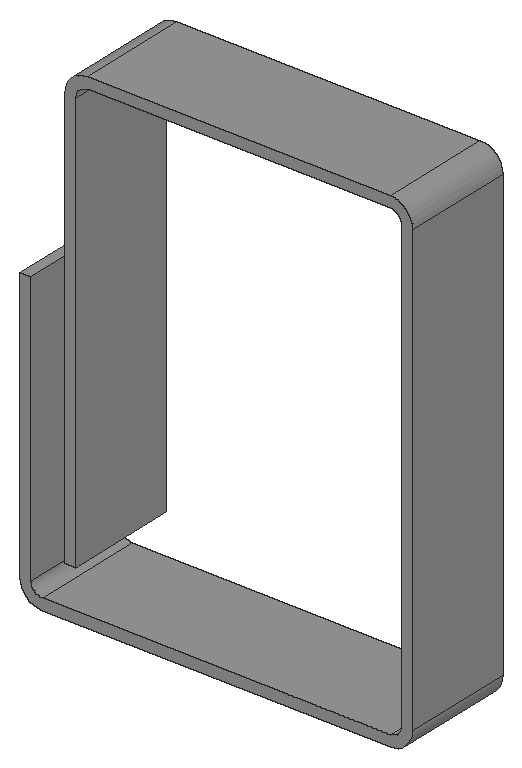
Revit family "ITK Кольцо кабельное", category Обобщенные модели, Revit 2016
Family settings
  Тип детали = Нормальный
  Может служить основой для арматурных стержней = Нет
  Размер круглого соединителя = Использовать диаметр
  На основе рабочей плоскости = Нет
  Всегда вертикально = Да
  При загрузке вырезать с полостями = Нет
  Общий = Нет
  Точка расчета площади = Нет
Parameters
  Ширина = 70 mm
  Высота = 88 mm
  Описание = "Кабельные органайзеры, кольца и скобы ITK предназначены для организации кабеля и кабельных пучков в шкафах и стойках, обеспечивают их поддержку, гарантируют необходимый радиус изгиба коммутационных шнуров и кабеля при подведении их к оборудованию. При использовании кабельных организаторов и колец существенно снижается вероятность появления перегибов и изломов кабелей.\r\n\r\nКабельные кольца могут устанавливаться в любом месте шкафа, как на 19-дюймовые монтажные профили с фронтальной стороны или сбоку, так и на горизонтальные боковые профили, обеспечивая горизонтальную и вертикальную организацию кабеля. Монтаж осуществляется с помощью крепежа винт-шайба-гайка."  # constant formula
  Материал = Окраска - RAL 7035
  Type Comments = " "
  Изготовитель = "ITK"  # constant formula
  Глубина = 20 mm
  URL = "http://www.itk-group.ru/produktsiya/catalog/?page=section&id=564&pagen=1&pagec=100"
  ADSK_Примечание = ""
  ADSK_Позиция [instance] = ""
  ADSK_Наименование краткое = "CR35-7088"
  ADSK_Наименование = "ITK Кольцо кабельное 70x88 мм (компл. 4шт), серое"
  ADSK_Масса = 0
  ADSK_Марка = "CR35-7088"
  ADSK_Код изделия = ""
  ADSK_Завод-изготовитель = "IEK"
  ADSK_Единица измерения = "шт"
  ADSK_Группирование = "I. ЩИТЫ И ПУЛЬТЫ"
Reference planes
  plane 1 "По центру (Вперед/Назад)": y = 0
  plane 2: z = 0
  plane 3 "По центру (Влево/Вправо)": x = 0
  plane 4: z = 88
  plane 5: z = 44
  plane 6: y = 10
  plane 7: y = -10
  plane 8: x = -70
  plane 9: x = -62
Forms (mm)
  Extrusion 1, solid, material "Окраска - RAL 7035" <- "Материал", detail levels fine
    sketch origin (-2000, -1, 1200) x (-1, 0, 0) y (0, 0, -1)
      loop
        line (-1930, 1147.504) -> (-1930, 1196)
        arc (-1930, 1196) -> (-1931.172, 1198.828) -> (-1934, 1200) r 4
        line (-1934, 1200) -> (-1996, 1200)
        arc (-1996, 1200) -> (-1998.828, 1198.828) -> (-2000, 1196) r 4
        line (-2000, 1196) -> (-2000, 1116)
        arc (-2000, 1116) -> (-1998.828, 1113.172) -> (-1996, 1112) r 4
        line (-1996, 1112) -> (-1942, 1112)
        arc (-1942, 1112) -> (-1939.172, 1113.172) -> (-1938, 1116) r 4
        line (-1938, 1116) -> (-1938, 1191.009) -> (-1940, 1191.009) -> (-1940, 1116)
        arc (-1940, 1116) -> (-1940.586, 1114.586) -> (-1942, 1114) r 2
        line (-1942, 1114) -> (-1996, 1114)
        arc (-1996, 1114) -> (-1997.414, 1114.586) -> (-1998, 1116) r 2
        line (-1998, 1116) -> (-1998, 1196)
        arc (-1998, 1196) -> (-1997.414, 1197.414) -> (-1996, 1198) r 2
        line (-1996, 1198) -> (-1934, 1198)
        arc (-1934, 1198) -> (-1932.586, 1197.414) -> (-1932, 1196) r 2
        line (-1932, 1196) -> (-1932, 1147.504) -> (-1930, 1147.504)
    from -11 to 9
Dimensions and locks
  "Высота": plane 4 to plane 2
  equal spacing: plane 4, plane 5, plane 2
  equal spacing: plane 7, plane 1 "По центру (Вперед/Назад)", plane 6
  "Глубина": plane 7 to plane 6
  "Ширина": plane 3 "По центру (Влево/Вправо)" to plane 8
  locked: plane 9 to plane 8 at 8
  aligned and locked: level to plane 2
  aligned and locked: plane 4 to Extrusion 1 sketch curve
  aligned and locked: Extrusion 1 sketch curve to plane 2
  aligned and locked: plane 3 "По центру (Влево/Вправо)" to Extrusion 1 sketch curve
  aligned and locked: plane 6 to Extrusion 1
  aligned and locked: plane 7 to Extrusion 1
  aligned and locked: Extrusion 1 to plane 8
  aligned and locked: Extrusion 1 sketch curve to plane 9
Automatic sketch dimensions
  Extrusion 1 sketch curve to Extrusion 1 sketch curve = 0 mm  (x8)
  Extrusion 1 sketch curve to plane 8 = 0 mm
  Extrusion 1 sketch curve to Extrusion 1 sketch curve = 2 mm  (x2)
  plane 3 "По центру (Влево/Вправо)" to Extrusion 1 sketch curve = 4 mm
  plane 9 to Extrusion 1 sketch curve = 4 mm
  Extrusion 1 sketch curve to plane 8 = 4 mm
  Extrusion 1 sketch curve to Extrusion 1 sketch curve = 4.991 mm
  Extrusion 1 sketch curve to plane 5 = 8.496 mm
Types in the file's own list only (6): name | Ширина | Высота | Материал | Глубина | ADSK_Наименование краткое | ADSK_Наименование | ADSK_Марка
  CR05-5044 | 50 мм | 44 мм | Окраска - RAL 9005 | 20 мм | "CR05-5044" | "ITK Кольцо кабельное 50x44 мм (компл. 4шт), черное" | "CR05-5044"
  CR05-7044 | 70 мм | 44 мм | Окраска - RAL 9005 | 20 мм | "CR05-7044" | "ITK Кольцо кабельное 70x44 мм (компл. 4шт), черное" | "CR05-7044"
  CR05-7088 | 70 мм | 88 мм | Окраска - RAL 9005 | 20 мм | "CR05-7088" | "ITK Кольцо кабельное 70x88 мм (компл. 4шт), черное" | "CR05-7088"
  CR35-5044 | 50 мм | 44 мм | Окраска - RAL 7035 | 20 мм | "CR35-5044" | "ITK Кольцо кабельное 50x44 мм (компл. 4шт), серое" | "CR35-5044"
  CR35-7044 | 70 мм | 44 мм | Окраска - RAL 7035 | 20 мм | "CR35-7044" | "ITK Кольцо кабельное 70x44 мм (компл. 4шт), серое" | "CR35-7044"
  CR35-7088 | 70 мм | 88 мм | Окраска - RAL 7035 | 20 мм | "CR35-7088" | "ITK Кольцо кабельное 70x88 мм (компл. 4шт), серое" | "CR35-7088"
